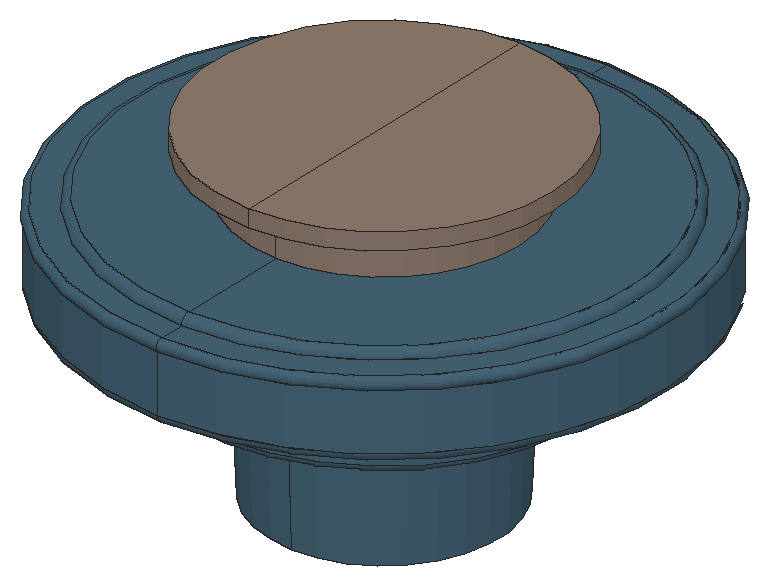
Revit family
Parameters (values of type "8-3/8" x 3-7/8" x D2" x D5"")
  Vent Connection = no
  URL = "http://zurn.com/pages/catalog.asp?ProductGroupID=77&OperationID=14&page=3#p2006"
  Strainer Radius = 2.5"
  Strainer Open Area = "8 in^2"
  Strainer Material = Nickel Bronze - Zurn Industries - Polished
  Strainer Height Input = 0"
  Strainer Height = if(and(Strainer Radius = 2.5", Strainer Height Input < 1"), 1", if(and(Strainer Radius = 2.5", Strainer Height Input > 2.25"), 2.25", if(and(Strainer Radius = 3", Strainer Height Input < 1"), 1", if(and(Strainer Radius = 3", Strainer Height Input > 2.531"), 2.531", if(and(Strainer Radius = 3.5", Strainer Height Input < 1"), 1", if(and(Strainer Radius = 3.5", Strainer Height Input > 2.875"), 2.875", if(and(Strainer Radius = 4", or(Outlet Standard Radius = 1.5", Outlet Standard Radius = 2"), Strainer Height Input < 1.156"), 1.156", if(and(Strainer Radius = 4", or(Outlet Standard Radius = 1.5", Outlet Standard Radius = 2"), Strainer Height Input > 2.875"), 2.875", if(and(Strainer Radius = 4", Outlet Standard Radius = 1.5", Strainer Height Input < 1.156"), 1.156", if(and(Strainer Radius = 4", Outlet Standard Radius = 3", Strainer Height Input > 2.875"), 2.875", if(and(Strainer Radius = 5", Strainer Height Input < 1.438"), 1.438", if(and(Strainer Radius = 5", Strainer Height Input > 3.25"), 3.25", Strainer Height Input))))))))))))  # 1"
  Outlet Standard Radius = 1"
  Outlet Outter Radius = Outlet Standard Radius + 0.70312"  # 1.70312"
  Model = "Z415-2IC-5B"
  Manufacturer = "Zurn Industries"
  HW Connection = no
  Drain Material = Cast Iron - Zurn Industries - 296U - Painted (Zurn Blue)
  Description = "Body Assembly with \"Type B\" Strainer (Inside Caulk)"
  CW Connection = no
  Body Height = 3.875"
  Assembly Code = "D2030300"
  Approximate Weight = "11 lbs."
Types (11): name | Strainer Radius | Strainer Open Area | Strainer Height Input | Strainer Height | Outlet Standard Radius | Outlet Outter Radius | Model | Approximate Weight
  (no name) | 2.5" | "8 in^2" | 0" | 1" | 1" | 1.70312" | "Z415-2IC-5B" | "11 lbs."
  8-3/8" x 3-7/8" x D2" x D5" | 2.5" | "8 in^2" | 0" | 1" | 1" | 1.70312" | "Z415-2IC-5B" | "11 lbs."
  8-3/8" x 3-7/8" x D2" x D6" | 3" | "9 in^2" | 0" | 1" | 1" | 1.70312" | "Z415-2IC-6B" | "13 lbs."
  8-3/8" x 3-7/8" x D2" x D7" | 3.5" | "12 in^2" | 0" | 1" | 1" | 1.70312" | "Z415-2IC-7B" | "14 lbs."
  8-3/8" x 3-7/8" x D3" x D5" | 2.5" | "8 in^2" | 90" | 2.25" | 1.5" | 2.20312" | "Z415-3IC-5B" | "11 lbs."
  8-3/8" x 3-7/8" x D3" x D6" | 3" | "9 in^2" | 0" | 1" | 1.5" | 2.20312" | "Z415-3IC-6B" | "13 lbs."
  8-3/8" x 3-7/8" x D3" x D7" | 3.5" | "12 in^2" | 0" | 1" | 1.5" | 2.20312" | "Z415-3IC-7B" | "14 lbs."
  8-3/8" x 3-7/8" x D3" x D8" | 4" | "18 in^2" | 0" | 1.156" | 1.5" | 2.20312" | "Z415-3IC-8B" | "16 lbs."
  8-3/8" x 3-7/8" x D4" x D6" | 3" | "9 in^2" | 0" | 1" | 2" | 2.70312" | "Z415-4IC-6B" | "13 lbs."
  8-3/8" x 3-7/8" x D4" x D7" | 3.5" | "12 in^2" | 0" | 1" | 2" | 2.70312" | "Z415-4IC-7B" | "14 lbs."
  8-3/8" x 3-7/8" x D4" x D8" | 4" | "18 in^2" | 0" | 1.156" | 2" | 2.70312" | "Z415-4IC-8B" | "16 lbs."
Reference planes (in)
  plane 1 "Center (Front/Back)": y = 0
  plane 2: z = 0
  plane 3 "Center (Left/Right)": x = 0
  plane 4: z = -1
Forms (in)
  Revolve 1, solid, material "Nickel Bronze - Zurn Industries - Polished" <- "Strainer Material", detail levels fine
    sketch origin (0, 0, 0) x (0, 1, 0) y (0, 0, 1)
      loop
        line (-2, -0.4375) -> (-2, -1) -> (0, -1) -> (0, 0) -> (-2.5, 0) -> (-2.5, -0.25) -> (-2.1875, -0.25)
        arc (-2.1875, -0.25) -> (-2.05492, -0.30492) -> (-2, -0.4375) r 0.1875
      axis (0, -1) -> (0, 0)
    angle from 0 to 360
  Revolve 2, solid, material "Cast Iron - Zurn Industries - 296U - Painted (Zurn Blue)" <- "Drain Material", detail levels fine
    sketch origin (0, 0, -2.14564) x (0, 1, 0) y (0, 0, 1)
      loop
        arc (-2.98787, -0.68755) -> (-2.94815, -0.76208) -> (-2.86912, -0.79186) r 0.11975
        line (-2.86912, -0.79186) -> (-1.78772, -0.79186) -> (-1.70312, -2.72936) -> (0, -2.72936) -> (0, 1.27064) -> (-3.625, 1.27064)
        arc (-3.625, 1.27064) -> (-3.71339, 1.23403) -> (-3.75, 1.14564) r 0.125
        line (-3.75, 1.14564) -> (-4.12121, 1.14564)
        arc (-4.12121, 1.14564) -> (-4.20782, 1.08777) -> (-4.1875, 0.9856) r 0.09375
        line (-4.1875, 0.9856) -> (-4.1875, 0.14564)
        arc (-4.1875, 0.14564) -> (-4.15089, 0.05725) -> (-4.0625, 0.02064) r 0.125
        line (-4.0625, 0.02064) -> (-3.13627, 0.02064)
        arc (-3.13627, 0.02064) -> (-3.04983, -0.01493) -> (-3.01348, -0.10105) r 0.1228
        line (-3.01348, -0.10105) -> (-2.98787, -0.68755)
      axis (0, -2.72936) -> (0, 1.27064)
    angle from 0 to 360
Lines and regions (in)
  Masking region 1, detail levels fine
    outline origin (0, 0, 0) x (0, 1, 0) y (0, 0, 1)
      loop
        line (-1.70312, -4.875) -> (1.70313, -4.875) -> (1.78772, -2.9375) -> (-1.78772, -2.9375) -> (-1.70312, -4.875)
      loop
        line (-2, -0.875) -> (2, -0.875) -> (2, -0.4375)
        arc (2, -0.4375) -> (2.05492, -0.30492) -> (2.1875, -0.25) r 0.1875
        line (2.1875, -0.25) -> (2.5, -0.25) -> (2.5, 0) -> (-2.5, 0) -> (-2.5, -0.25) -> (-2.1875, -0.25)
        arc (-2.1875, -0.25) -> (-2.05492, -0.30492) -> (-2, -0.4375) r 0.1875
        line (-2, -0.4375) -> (-2, -0.875)
  Masking region 2, detail levels fine
    outline origin (0, 0, 0) x (1, 0, 0) y (0, 0, 1)
      loop
        line (-1.78772, -2.9375) -> (-1.70312, -4.875) -> (0, -4.875) -> (1.70313, -4.875) -> (1.78772, -2.9375) -> (-1.78772, -2.9375)
      loop
        line (-2.5, 0) -> (-2.5, -0.25) -> (-2.1875, -0.25)
        arc (-2.1875, -0.25) -> (-2.05492, -0.30492) -> (-2, -0.4375) r 0.1875
        line (-2, -0.4375) -> (-2, -0.875) -> (2, -0.875) -> (2, -0.4375)
        arc (2, -0.4375) -> (2.05492, -0.30492) -> (2.1875, -0.25) r 0.1875
        line (2.1875, -0.25) -> (2.5, -0.25) -> (2.5, 0) -> (0, 0) -> (-2.5, 0)
  Masking region 3
    outline origin (0, 0, 0) x (1, 0, 0) y (0, 1, 0)
      loop
        circle (0, 0) r 4.1875
  symbolic lines, detail levels fine
    curve 1: line (-2.5, 0, 0) -> (-2.5, 0, -0.25)
    curve 2: arc (0, 1.70313, 0) -> (-1.70313, 0, 0) -> (0, -1.70313, 0) r 1.70313
    curve 3: arc (0, -1.70313, 0) -> (1.70313, 0, 0) -> (0, 1.70313, 0) r 1.70313
  model lines, detail levels coarse+medium
    curve 4: line (0, 0, -4.875) -> (0, 0, 0)
    curve 5: arc (0, -4.1875, 0) -> (-4.1875, 0, 0) -> (0, 4.1875, 0) r 4.1875
    curve 6: arc (0, 4.1875, 0) -> (4.1875, 0, 0) -> (0, -4.1875, 0) r 4.1875
Dimensions and locks (in)
  locked: Revolve 1 sketch curve to Revolve 1 sketch curve at 0.25
  locked: Revolve 1 sketch curve to plane 1 "Center (Front/Back)" at 2
  "Strainer Radius": Revolve 1 sketch curve to plane 1 "Center (Front/Back)"
  "Outlet Outter Radius": Revolve 2 sketch curve to plane 1 "Center (Front/Back)"
  "Body Height": Revolve 2 sketch curve to Revolve 2 sketch curve
  locked: Revolve 1 sketch curve to level at 0
  locked: Revolve 1 sketch curve to plane 1 "Center (Front/Back)" at 0
  locked: Revolve 2 sketch curve to Revolve 2 sketch curve at 0.125
  locked: Revolve 2 sketch curve to Revolve 2 sketch curve at 1.125
  locked: Revolve 2 sketch curve to Revolve 2 sketch curve at 1.03125
  locked: Revolve 2 sketch curve to Revolve 2 sketch curve at 1
  locked: Revolve 2 sketch curve to Revolve 2 sketch curve at 0.6897
  locked: Revolve 2 sketch curve to Revolve 2 sketch curve at 0.69275
  locked: Revolve 2 sketch curve to Revolve 2 sketch curve at 0.8125
  locked: Revolve 2 sketch curve to Revolve 2 sketch curve at 3.625
  locked: Revolve 2 sketch curve to Revolve 2 sketch curve at 4.12121
  locked: Revolve 2 sketch curve to Revolve 2 sketch curve at 4.0625
  locked: Revolve 2 sketch curve to Revolve 2 sketch curve at 3.13627
  locked: Revolve 2 sketch curve to Revolve 2 sketch curve at 2.86912
  "Strainer Height": level to plane 4
  curve 1 to plane 3 "Center (Left/Right)" = 2.5"
  "Strainer Radius": plane 3 "Center (Left/Right)" to curve 1
  Masking region 1 sketch curve to plane 1 "Center (Front/Back)" to Masking region 1 sketch curve = 2" locked, 2" locked
  equal spacing: Masking region 1 sketch curve, plane 1 "Center (Front/Back)", Masking region 1 sketch curve  (x2)
  "Strainer Radius": Masking region 1 sketch curve to plane 1 "Center (Front/Back)"
  "Outlet Outter Radius": Masking region 1 sketch curve to plane 1 "Center (Front/Back)"
  Masking region 2 sketch curve to plane 3 "Center (Left/Right)" to Masking region 2 sketch curve = 2" locked, 2" locked
  equal spacing: Masking region 2 sketch curve, plane 3 "Center (Left/Right)", Masking region 2 sketch curve  (x2)
  "Strainer Radius": Masking region 2 sketch curve to plane 3 "Center (Left/Right)"
  "Outlet Outter Radius": plane 3 "Center (Left/Right)" to Masking region 2 sketch curve
  locked: plane 1 "Center (Front/Back)" to Revolve 2 sketch curve (angle 2.50°)  (x2)
  locked: plane 1 "Center (Front/Back)" to Masking region 1 sketch curve (angle 2.50°)
  locked: Masking region 1 sketch curve to plane 1 "Center (Front/Back)" (angle 2.50°)
  angle Masking region 2 sketch curve to plane 3 "Center (Left/Right)" to Masking region 2 sketch curve = 2.50° locked, 2.50° locked
  aligned and locked: Revolve 1 sketch curve to plane 1 "Center (Front/Back)"
  aligned and locked: Revolve 2 sketch curve to plane 1 "Center (Front/Back)"  (x2)
  aligned and locked: plane 4 to Revolve 2
  aligned and locked: Revolve 1 sketch curve to plane 4
  aligned and locked: nested 1 to plane 1 "Center (Front/Back)"
  aligned and locked: nested 1 to plane 4
  aligned and locked: Revolve 1 to Masking region 1 sketch curve  (x2)
  aligned and locked: Masking region 1 sketch curve to nested 1
  aligned and locked: nested 2 to plane 1 "Center (Front/Back)"
  aligned and locked: nested 2 to plane 2
  aligned and locked: plane 3 "Center (Left/Right)" to nested 3
  aligned and locked: nested 3 to plane 4
  aligned and locked: Masking region 2 sketch curve to Revolve 2  (x2)
  aligned and locked: Revolve 2 to Masking region 2 sketch curve
  aligned and locked: Masking region 2 sketch curve to Revolve 1  (x3)
  aligned and locked: Masking region 2 sketch curve to nested 3
  aligned and locked: plane 3 "Center (Left/Right)" to nested 4
  aligned and locked: nested 4 to plane 2
  aligned and locked: curve 2 to Revolve 2
  aligned and locked: curve 3 to Revolve 2
  aligned and locked: curve 4 to plane 1 "Center (Front/Back)"
  aligned and locked: curve 5 to Revolve 2
  aligned and locked: curve 6 to Revolve 2
  aligned and locked: Masking region 1 sketch curve to Revolve 1
  aligned and locked: Revolve 2 to Masking region 1 sketch curve
  aligned and locked: Masking region 1 sketch curve to curve 4
  aligned and locked: Masking region 3 sketch curve to Revolve 2  (x2)
Automatic sketch dimensions
  Revolve 1 sketch curve to Revolve 1 sketch curve = 0.1875"
  Revolve 1 sketch curve to plane 4 = 8.375"
  Revolve 1 sketch curve to Revolve 1 sketch curve = 92.10899"
  Revolve 2 sketch curve to plane 4 = 0"
  Revolve 2 sketch curve to plane 4 = 1.24669"
  Revolve 2 sketch curve to Revolve 2 sketch curve = 16.35436"
  level to Revolve 2 sketch curve = 92.10899"
  curve 4 to level = 0"
  curve 4 to plane 4 = 3.875"
  Masking region 1 sketch curve to Masking region 1 sketch curve = 0.1875"  (x2)
  curve 1 to level = 0.25"
  curve 1 to level = 0"
  Masking region 2 sketch curve to plane 3 "Center (Left/Right)" = 0"  (x2)
  Masking region 2 sketch curve to Masking region 2 sketch curve = 0.1875"  (x2)
  Masking region 2 sketch curve to level = 0.4375"
Nested families (in)
  nested 1: "2D-Floor_Drain-Zurn-Z-415" at (0, 0, -1) x (0, 1, 0) z (1, 0, 0), type "2D-Floor_Drain-Zurn-Z-415"
  nested 2: "2D_Symbol-Floor_Drain-Zurn-Z-415" at (0, 0, 0) x (0, 1, 0) z (1, 0, 0), type "2D_Symbol-Floor_Drain-Zurn-Z-415"
  nested 3: "2D-Floor_Drain-Zurn-Z-415" at (0, 0, -1) x (1, 0, 0) z (0, -1, 0), type "2D-Floor_Drain-Zurn-Z-415"
  nested 4: "2D_Symbol-Floor_Drain-Zurn-Z-415" at (0, 0, 0) x (1, 0, 0) z (0, -1, 0), type "2D_Symbol-Floor_Drain-Zurn-Z-415"
Connectors (in)
  piping at (0, 0, -4.875), driven by "Outlet Standard Radius"
    settings: on Revolve 2, index 1
Definition of nested family "2D-Floor_Drain-Zurn-Z-415"
  Parameters (values of type "2D-Floor_Drain-Zurn-Z-415")
    Assembly Code = ""
  Reference planes (in)
    plane 1 "Center (Front/Back)": y = 0
    plane 2: z = 0
    plane 3 "Center (Left/Right)": x = 0
  Lines and regions (in)
    Masking region 1, in view "Ref. Level", detail levels fine
      outline origin (0, 0, 0) x (1, 0, 0) y (0, 1, 0)
        loop
          line (0, 0.125) -> (-3.625, 0.125)
          arc (-3.625, 0.125) -> (-3.71339, 0.08839) -> (-3.75, 0) r 0.125
          line (-3.75, 0) -> (-4.12121, 0)
          arc (-4.12121, 0) -> (-4.20782, -0.05787) -> (-4.1875, -0.16004) r 0.09375
          line (-4.1875, -0.16004) -> (-4.1875, -1)
          arc (-4.1875, -1) -> (-4.15089, -1.08839) -> (-4.0625, -1.125) r 0.125
          line (-4.0625, -1.125) -> (-3.13868, -1.125)
          arc (-3.13868, -1.125) -> (-3.05224, -1.1597) -> (-3.0138, -1.24455) r 0.125
          line (-3.0138, -1.24455) -> (-2.98876, -1.81795)
          arc (-2.98876, -1.81795) -> (-2.95032, -1.90279) -> (-2.86388, -1.9375) r 0.125
          line (-2.86388, -1.9375) -> (2.86388, -1.9375)
          arc (2.86388, -1.9375) -> (2.95032, -1.90279) -> (2.98876, -1.81795) r 0.125
          line (2.98876, -1.81795) -> (3.01379, -1.24455)
          arc (3.01379, -1.24455) -> (3.05224, -1.1597) -> (3.13868, -1.125) r 0.125
          line (3.13868, -1.125) -> (4.0625, -1.125)
          arc (4.0625, -1.125) -> (4.15089, -1.08839) -> (4.1875, -1) r 0.125
          line (4.1875, -1) -> (4.1875, -0.16004)
          arc (4.1875, -0.16004) -> (4.20782, -0.05787) -> (4.12121, 0) r 0.09375
          line (4.12121, 0) -> (3.75, 0)
          arc (3.75, 0) -> (3.71339, 0.08839) -> (3.625, 0.125) r 0.125
          line (3.625, 0.125) -> (0, 0.125)
    model lines, in view "Ref. Level", detail levels fine
      curve 1: arc (-3.0138, -1.24455, 0) -> (-3.05224, -1.1597, 0) -> (-3.13868, -1.125, 0) r 0.125
      curve 2: arc (-3.625, 0.125, 0) -> (-3.71339, 0.08839, 0) -> (-3.75, 0, 0) r 0.125
      curve 3: arc (-2.98876, -1.81795, 0) -> (-2.95032, -1.90279, 0) -> (-2.86388, -1.9375, 0) r 0.125
      curve 4: arc (-4.1875, -1, 0) -> (-4.15089, -1.08839, 0) -> (-4.0625, -1.125, 0) r 0.125
      curve 5: arc (-4.12121, 0, 0) -> (-4.20782, -0.05787, 0) -> (-4.1875, -0.16004, 0) r 0.09375
      curve 6: line (-4.0625, -1.125, 0) -> (-3.13868, -1.125, 0)
      curve 7: line (-2.98876, -1.81795, 0) -> (-3.01379, -1.24455, 0)
      curve 9: line (-4.1875, -1, 0) -> (-4.1875, -0.16004, 0)
      curve 10: line (-4.12121, 0, 0) -> (-3.75, 0, 0)
      curve 11: line (0, 0.125, 0) -> (-3.625, 0.125, 0)
    model lines, style "InvisibleLines", in view "Ref. Level", detail levels fine
      curve 8: line (0, -1.9375, 0) -> (0, 0.125, 0)
    detail lines, in view "Ref. Level", detail levels fine
      curve 12: arc (3.0138, -1.24455, 0) -> (3.05224, -1.1597, 0) -> (3.13868, -1.125, 0) r 0.125
      curve 13: arc (3.625, 0.125, 0) -> (3.71339, 0.08839, 0) -> (3.75, 0, 0) r 0.125
      curve 14: arc (2.98876, -1.81795, 0) -> (2.95032, -1.90279, 0) -> (2.86388, -1.9375, 0) r 0.125
      curve 15: arc (4.1875, -1, 0) -> (4.15089, -1.08839, 0) -> (4.0625, -1.125, 0) r 0.125
      curve 16: arc (4.12121, 0, 0) -> (4.20782, -0.05787, 0) -> (4.1875, -0.16004, 0) r 0.09375
      curve 17: line (4.0625, -1.125, 0) -> (3.13868, -1.125, 0)
      curve 18: line (2.98876, -1.81795, 0) -> (3.01379, -1.24455, 0)
      curve 19: line (4.1875, -1, 0) -> (4.1875, -0.16004, 0)
      curve 20: line (4.12121, 0, 0) -> (3.75, 0, 0)
      curve 21: line (0, 0.125, 0) -> (3.625, 0.125, 0)
      curve 22: line (-2.86388, -1.9375, 0) -> (2.86388, -1.9375, 0)
  Dimensions and locks (in)
    locked: curve 11 to curve 10 at 0.125
    locked: curve 6 to curve 10 at 1.125
    locked: curve 3 to curve 8 at 2.86388
    locked: curve 1 to curve 8 at 3.13868
    locked: curve 4 to curve 8 at 4.0625
    locked: curve 5 to curve 8 at 4.12121
    locked: curve 2 to curve 8 at 3.625
    locked: curve 2 to curve 10
    locked: curve 5 to curve 10 at 0.09375
    locked: curve 4 to curve 10 at 1
    locked: curve 1 to curve 10 at 1.25
    locked: curve 3 to curve 10 at 1.8125
    locked: curve 21 to curve 20 at 0.125
    locked: curve 17 to curve 20 at 1.125
    locked: curve 13 to curve 20
    locked: curve 16 to curve 20 at 0.09375
    locked: curve 15 to curve 20 at 1
    locked: curve 12 to curve 20 at 1.25
    locked: curve 14 to curve 20 at 1.8125
    aligned and locked: plane 1 "Center (Front/Back)" to curve 10
    aligned and locked: plane 3 "Center (Left/Right)" to curve 8
    aligned and locked: Masking region 1 sketch curve to curve 11
    aligned and locked: Masking region 1 sketch curve to curve 21
    aligned and locked: Masking region 1 sketch curve to curve 13
    aligned and locked: Masking region 1 sketch curve to curve 20
    aligned and locked: Masking region 1 sketch curve to curve 16
    aligned and locked: Masking region 1 sketch curve to curve 19
    aligned and locked: Masking region 1 sketch curve to curve 15
    aligned and locked: Masking region 1 sketch curve to curve 17
    aligned and locked: Masking region 1 sketch curve to curve 12
    aligned and locked: Masking region 1 sketch curve to curve 18
    aligned and locked: Masking region 1 sketch curve to curve 14
    aligned and locked: Masking region 1 sketch curve to curve 3
    aligned and locked: Masking region 1 sketch curve to curve 7
    aligned and locked: Masking region 1 sketch curve to curve 1
    aligned and locked: Masking region 1 sketch curve to curve 6
    aligned and locked: Masking region 1 sketch curve to curve 4
    aligned and locked: Masking region 1 sketch curve to curve 9
    aligned and locked: Masking region 1 sketch curve to curve 5
    aligned and locked: Masking region 1 sketch curve to curve 10
    aligned and locked: Masking region 1 sketch curve to curve 2
    aligned and locked: Masking region 1 to curve 8
    aligned and locked: curve 22 to Masking region 1
Definition of nested family "2D_Symbol-Floor_Drain-Zurn-Z-415"
  Reference planes (in)
    plane 1 "Center (Front/Back)": y = 0
    plane 2: z = 0
    plane 3 "Center (Left/Right)": x = 0
  Lines and regions (in)
    Filled region 1, type "Concrete Block", in view "Ref. Level", detail levels coarse+medium
      outline origin (0, 0, 0) x (1, 0, 0) y (0, 1, 0)
        loop
          line (-1, 0) -> (0, -1.73205) -> (1, 0) -> (0.25, 0) -> (0.25, 4.18003)
          arc (0.25, 4.18003) -> (0, 4.1875) -> (-0.25, 4.18003) r 4.1875
          line (-0.25, 4.18003) -> (-0.25, 0) -> (-1, 0)
    Masking region 1, in view "Ref. Level", detail levels coarse+medium
      outline origin (0, 0, 0) x (1, 0, 0) y (0, 1, 0)
        loop
          line (-0.25, 4.18003) -> (-0.25, 0) -> (-1, 0) -> (0, -1.73205) -> (1, 0) -> (0.25, 0) -> (0.25, 4.18003)
          arc (0.25, 4.18003) -> (0, -4.1875) -> (-0.25, 4.18003) r 4.1875
    detail lines, in view "Ref. Level", detail levels coarse+medium
      curve 1: circle (0, 0, 0) r 4.1875 normal (0, 0, 1)
  Dimensions and locks (in)
    locked: curve 1 to plane 3 "Center (Left/Right)" at 0
    locked: curve 1 to plane 1 "Center (Front/Back)" at 0
    equal spacing: Filled region 1 sketch curve, plane 3 "Center (Left/Right)", Filled region 1 sketch curve, locked at 0.25 each
    aligned and locked: plane 1 "Center (Front/Back)" to Filled region 1 sketch curve
    aligned and locked: Filled region 1 sketch curve to plane 1 "Center (Front/Back)"
    aligned and locked: Masking region 1 sketch curve to Filled region 1  (x6)
